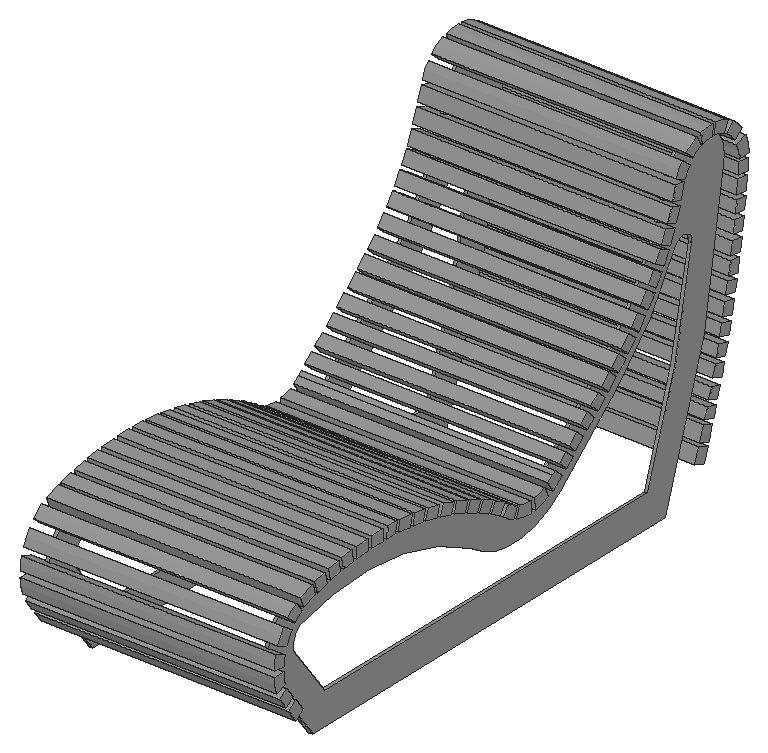
Revit family "20879 Шезлонг «Парабола» Хоббика", category Антураж, Revit 2018
Family settings
  На основе рабочей плоскости = Нет
  Всегда вертикально = Да
  При загрузке вырезать с полостями = Нет
  Источник визуального образа = Геометрия семейства
  Общий = Нет
  Точка расчета площади = Нет
Parameters (values of type "Шезлонг «Парабола». Версия 0,8 м")
  Ширина = 1860 mm  # constant formula
  Цвет отделки = Дерево
  Цвет каркаса = Сталь
  Средняя опора = not([Версия 0,8 м])  # no
  Описание = if([Версия 0,8 м], "Шезлонг «Парабола». Версия 0,8 м", "Шезлонг «Парабола». Версия 1,8 м")  # "Шезлонг «Парабола». Версия 0,8 м"
  Материал изделия = "Сталь, дерево"  # constant formula
  Изображение типоразмера = Шезлонг «Парабола» Арт 20879.jpg
  Изготовитель = "ООО «Хоббика»"  # constant formula
  Длина = if([Версия 0,8 м], 800 mm, 1800 mm)  # 800 mm
  Группа модели = "Лежаки и шезлонги"  # constant formula
  Высота = 1070 mm  # constant formula
  Версия 1,8 м = not([Версия 0,8 м])  # no
  Версия 0,8 м = yes
  Артикул товара = "Арт. 20879"  # constant formula
  URL = "https://hobbyka.ru/product/shezlong_parabola"
Types (3, lengths in mm): name | Средняя опора | Описание | Длина | Версия 1,8 м | Версия 0,8 м
  (no name) | no | "Шезлонг «Парабола». Версия 0,8 м" | 800 | no | yes
  Шезлонг «Парабола». Версия 0,8 м | no | "Шезлонг «Парабола». Версия 0,8 м" | 800 | no | yes
  Шезлонг «Парабола». Версия 1,8 м | yes | "Шезлонг «Парабола». Версия 1,8 м" | 1800 | yes | no
Reference planes
  plane 1 "По центру (Вперед/Назад)": y = 0
  plane 2: z = 0
  plane 3 "По центру (Влево/Вправо)": x = 0
  plane 4: x = 800
  plane 5: y = 1860
  plane 6: z = 1070
  plane 7: x = 400
  plane 8: x = 395
  plane 9: x = 50
  plane 10: x = 750
  plane 11: x = 60
  plane 12: x = 740
  plane 13: x = 405
Forms (mm)
  Extrusion 1, solid, material "Сталь" <- "Цвет каркаса"
    sketch origin (0, 0, 0) x (0, 1, 0) y (0, 0, 1)
      loop
        arc (1820.974, 919.5) -> (1730.165, 1037.962) -> (1604.316, 957.703) r 110.411
        arc (1604.316, 957.703) -> (1501.612, 721.189) -> (1334.058, 525.198) r 869.445
        line (1334.058, 525.198) -> (1111.232, 331.875)
        arc (1111.232, 331.875) -> (998.732, 289.874) -> (886.232, 331.875) r 171.668
        arc (886.232, 331.875) -> (507.216, 460.849) -> (109.195, 417.63) r 925.244
        arc (109.195, 417.63) -> (36.329, 332.413) -> (37.371, 220.295) r 159.84
        line (37.371, 220.295) -> (203.375, 0) -> (1591.717, 0)
        arc (1591.717, 0) -> (1742.306, 450.784) -> (1820.974, 919.5) r 3047.395
      loop
        arc (1631.251, 748.119) -> (1530.101, 587.497) -> (1399.591, 449.664) r 969.445
        line (1399.591, 449.664) -> (1176.766, 256.341)
        arc (1176.766, 256.341) -> (1003.555, 189.917) -> (828.095, 250.151) r 271.668
        arc (828.095, 250.151) -> (498.071, 361.249) -> (151.603, 326.334) r 825.244
        arc (151.603, 326.334) -> (130.946, 299.908) -> (127.752, 266.519) r 59.84
        line (127.752, 266.519) -> (253.233, 100) -> (1524.658, 100)
        arc (1524.658, 100) -> (1628.311, 410.084) -> (1696.982, 729.74) r 2947.395
        arc (1696.982, 729.74) -> (1671.573, 765.598) -> (1631.251, 748.119) r 34.873
    from 50 to 60
  Extrusion 2, solid, material "Сталь" <- "Цвет каркаса", visible <- "Средняя опора"
    sketch origin (0, 0, 0) x (0, 1, 0) y (0, 0, 1)
      loop
        arc (1820.974, 919.5) -> (1730.165, 1037.962) -> (1604.316, 957.703) r 110.411
        arc (1604.316, 957.703) -> (1501.612, 721.189) -> (1334.058, 525.198) r 869.445
        line (1334.058, 525.198) -> (1111.232, 331.875)
        arc (1111.232, 331.875) -> (998.732, 289.874) -> (886.232, 331.875) r 171.668
        arc (886.232, 331.875) -> (507.216, 460.849) -> (109.195, 417.63) r 925.244
        arc (109.195, 417.63) -> (36.329, 332.413) -> (37.371, 220.295) r 159.84
        line (37.371, 220.295) -> (203.375, 0) -> (1591.717, 0)
        arc (1591.717, 0) -> (1742.306, 450.784) -> (1820.974, 919.5) r 3047.395
      loop
        arc (1631.251, 748.119) -> (1530.101, 587.497) -> (1399.591, 449.664) r 969.445
        line (1399.591, 449.664) -> (1176.766, 256.341)
        arc (1176.766, 256.341) -> (1003.555, 189.917) -> (828.095, 250.151) r 271.668
        arc (828.095, 250.151) -> (498.071, 361.249) -> (151.603, 326.334) r 825.244
        arc (151.603, 326.334) -> (130.946, 299.908) -> (127.752, 266.519) r 59.84
        line (127.752, 266.519) -> (253.233, 100) -> (1524.658, 100)
        arc (1524.658, 100) -> (1628.311, 410.084) -> (1696.982, 729.74) r 2947.395
        arc (1696.982, 729.74) -> (1671.573, 765.598) -> (1631.251, 748.119) r 34.873
    from 395 to 405
  Extrusion 3, solid, material "Сталь" <- "Цвет каркаса"
    sketch origin (0, 0, 0) x (0, 1, 0) y (0, 0, 1)
      loop
        arc (1820.974, 919.5) -> (1730.165, 1037.962) -> (1604.316, 957.703) r 110.411
        arc (1604.316, 957.703) -> (1501.612, 721.189) -> (1334.058, 525.198) r 869.445
        line (1334.058, 525.198) -> (1111.232, 331.875)
        arc (1111.232, 331.875) -> (998.732, 289.874) -> (886.232, 331.875) r 171.668
        arc (886.232, 331.875) -> (507.216, 460.849) -> (109.195, 417.63) r 925.244
        arc (109.195, 417.63) -> (36.329, 332.413) -> (37.371, 220.295) r 159.84
        line (37.371, 220.295) -> (203.375, 0) -> (1591.717, 0)
        arc (1591.717, 0) -> (1742.306, 450.784) -> (1820.974, 919.5) r 3047.395
      loop
        arc (1631.251, 748.119) -> (1530.101, 587.497) -> (1399.591, 449.664) r 969.445
        line (1399.591, 449.664) -> (1176.766, 256.341)
        arc (1176.766, 256.341) -> (1003.555, 189.917) -> (828.095, 250.151) r 271.668
        arc (828.095, 250.151) -> (498.071, 361.249) -> (151.603, 326.334) r 825.244
        arc (151.603, 326.334) -> (130.946, 299.908) -> (127.752, 266.519) r 59.84
        line (127.752, 266.519) -> (253.233, 100) -> (1524.658, 100)
        arc (1524.658, 100) -> (1628.311, 410.084) -> (1696.982, 729.74) r 2947.395
        arc (1696.982, 729.74) -> (1671.573, 765.598) -> (1631.251, 748.119) r 34.873
    from 740 to 750
  Extrusion 4, solid, material "Дерево" <- "Цвет отделки"
    sketch origin (0, 0, 0) x (0, 1, 0) y (0, 0, 1)
      loop
        line (1821.404, 929.229) -> (1856.404, 929.229)
        arc (1856.404, 929.229) -> (1853.538, 957.955) -> (1845.054, 985.549) r 145.411
        line (1845.054, 985.549) -> (1812.785, 971.993)
        arc (1812.785, 971.993) -> (1819.228, 951.041) -> (1821.404, 929.229) r 110.411
      loop
        line (1604.316, 957.703) -> (1570.5, 966.729)
        arc (1570.5, 966.729) -> (1564.473, 945.297) -> (1557.875, 924.035) r 834.445
        line (1557.875, 924.035) -> (1591.162, 913.218)
        arc (1591.162, 913.218) -> (1598.036, 935.372) -> (1604.316, 957.703) r 869.445
      loop
        line (1335.932, 526.824) -> (1311.121, 551.635) -> (1278.641, 523.455) -> (1303.452, 498.644) -> (1335.932, 526.824)
      loop
        line (1111.232, 331.875) -> (1122.562, 341.705) -> (1097.752, 366.515) -> (1088.296, 358.312)
        arc (1088.296, 358.312) -> (1078.824, 350.801) -> (1068.725, 344.158) r 136.668
        line (1068.725, 344.158) -> (1086.65, 314.096)
        arc (1086.65, 314.096) -> (1099.335, 322.441) -> (1111.232, 331.875) r 171.668
      loop
        line (880.16, 335.533) -> (898.107, 365.581)
        arc (898.107, 365.581) -> (881.519, 375.266) -> (864.739, 384.616) r 960.244
        line (864.739, 384.616) -> (848.009, 353.874)
        arc (848.009, 353.874) -> (864.176, 344.864) -> (880.16, 335.533) r 925.244
      loop
        line (97.64, 410.588) -> (78.176, 439.677)
        arc (78.176, 439.677) -> (61.528, 427.2) -> (46.305, 413.02) r 194.84
        line (46.305, 413.02) -> (71.059, 388.267)
        arc (71.059, 388.267) -> (83.742, 400.151) -> (97.64, 410.588) r 159.84
      loop
        line (40.885, 215.632) -> (11.751, 196.137) -> (37.005, 162.623) -> (64.958, 183.686) -> (40.885, 215.632)
      loop
        line (1647.656, 141.932) -> (1680.529, 129.917)
        arc (1680.529, 129.917) -> (1688.474, 151.915) -> (1696.252, 173.972) r 3082.395
        line (1696.252, 173.972) -> (1663.2, 185.486)
        arc (1663.2, 185.486) -> (1655.511, 163.679) -> (1647.656, 141.932) r 3047.395
      loop
        line (1666.473, 194.93) -> (1699.562, 183.524)
        arc (1699.562, 183.524) -> (1707.084, 205.615) -> (1714.437, 227.761) r 3082.395
        line (1714.437, 227.761) -> (1681.179, 238.665)
        arc (1681.179, 238.665) -> (1673.909, 216.77) -> (1666.473, 194.93) r 3047.395
      loop
        line (1685.933, 253.289) -> (1719.245, 242.554)
        arc (1719.245, 242.554) -> (1724.397, 258.692) -> (1729.461, 274.859) r 3082.395
        line (1729.461, 274.859) -> (1696.032, 285.227)
        arc (1696.032, 285.227) -> (1691.026, 269.244) -> (1685.933, 253.289) r 3047.395
      loop
        line (1700.936, 301.194) -> (1734.421, 291.008)
        arc (1734.421, 291.008) -> (1739.603, 308.226) -> (1744.685, 325.473) r 3082.395
        line (1744.685, 325.473) -> (1711.083, 335.267)
        arc (1711.083, 335.267) -> (1706.059, 318.215) -> (1700.936, 301.194) r 3047.395
      loop
        line (1716.979, 355.76) -> (1750.648, 346.201)
        arc (1750.648, 346.201) -> (1755.661, 364.064) -> (1760.567, 381.956) r 3082.395
        line (1760.567, 381.956) -> (1726.785, 391.109)
        arc (1726.785, 391.109) -> (1721.935, 373.42) -> (1716.979, 355.76) r 3047.395
      loop
        line (1731.141, 407.366) -> (1764.973, 398.4)
        arc (1764.973, 398.4) -> (1769.491, 415.648) -> (1773.909, 432.921) r 3082.395
        line (1773.909, 432.921) -> (1739.975, 441.495)
        arc (1739.975, 441.495) -> (1735.607, 424.418) -> (1731.141, 407.366) r 3047.395
      loop
        line (1744.574, 459.939) -> (1778.56, 451.577)
        arc (1778.56, 451.577) -> (1782.87, 469.317) -> (1787.074, 487.083) r 3082.395
        line (1787.074, 487.083) -> (1752.991, 495.042)
        arc (1752.991, 495.042) -> (1748.834, 477.478) -> (1744.574, 459.939) r 3047.395
      loop
        line (104.076, 131.775) -> (76.994, 167.713) -> (49.042, 146.65) -> (76.123, 110.711) -> (104.076, 131.775)
      loop
        arc (1790.688, 502.744) -> (1795.138, 522.559) -> (1799.457, 542.403) r 3082.395
        line (1799.457, 542.403) -> (1765.233, 549.734)
        arc (1765.233, 549.734) -> (1761.116, 530.806) -> (1756.878, 511.904) r 3047.395
        line (1756.878, 511.904) -> (1790.688, 502.744)
      loop
        arc (1803.252, 560.382) -> (1806.678, 577.089) -> (1810.012, 593.815) r 3082.395
        line (1810.012, 593.815) -> (1776.145, 602.99)
        arc (1776.145, 602.99) -> (1772.618, 585.239) -> (1768.985, 567.509) r 3047.395
        line (1768.985, 567.509) -> (1803.252, 560.382)
      loop
        arc (1813.439, 611.533) -> (1817.142, 631.332) -> (1820.714, 651.154) r 3082.395
        line (1820.714, 651.154) -> (1786.249, 657.25)
        arc (1786.249, 657.25) -> (1782.717, 637.653) -> (1779.057, 618.079) r 3047.395
        line (1779.057, 618.079) -> (1813.439, 611.533)
      loop
        arc (1823.019, 664.352) -> (1826.406, 684.393) -> (1829.661, 704.455) r 3082.395
        line (1829.661, 704.455) -> (1795.094, 709.946)
        arc (1795.094, 709.946) -> (1791.876, 690.111) -> (1788.528, 670.298) r 3047.395
        line (1788.528, 670.298) -> (1823.019, 664.352)
      loop
        arc (1832.399, 722.022) -> (1835.275, 741.232) -> (1838.03, 760.46) r 3082.395
        line (1838.03, 760.46) -> (1803.369, 765.315)
        arc (1803.369, 765.315) -> (1800.645, 746.306) -> (1797.802, 727.314) r 3047.395
        line (1797.802, 727.314) -> (1832.399, 722.022)
      loop
        arc (1840.098, 775.495) -> (1842.652, 794.87) -> (1845.083, 814.261) r 3082.395
        line (1845.083, 814.261) -> (1810.342, 818.505)
        arc (1810.342, 818.505) -> (1807.938, 799.334) -> (1805.413, 780.179) r 3047.395
        line (1805.413, 780.179) -> (1840.098, 775.495)
      loop
        arc (1846.763, 828.279) -> (1849.113, 848.868) -> (1851.323, 869.472) r 3082.395
        line (1851.323, 869.472) -> (1816.511, 873.089)
        arc (1816.511, 873.089) -> (1814.325, 852.719) -> (1812.002, 832.364) r 3047.395
        line (1812.002, 832.364) -> (1846.763, 828.279)
      loop
        arc (1852.481, 880.817) -> (1854.211, 898.611) -> (1855.838, 916.416) r 3082.395
        line (1855.838, 916.416) -> (1820.974, 919.5)
        arc (1820.974, 919.5) -> (1819.366, 901.898) -> (1817.655, 884.305) r 3047.395
        line (1817.655, 884.305) -> (1852.481, 880.817)
      loop
        arc (1831.604, 1010.452) -> (1816.151, 1029.658) -> (1797.676, 1045.978) r 145.411
        line (1797.676, 1045.978) -> (1772.571, 1020.873)
        arc (1772.571, 1020.873) -> (1789.025, 1007.341) -> (1802.573, 990.902) r 110.411
        line (1802.573, 990.902) -> (1831.604, 1010.452)
      loop
        arc (1776.062, 1059.268) -> (1753.573, 1068.265) -> (1729.903, 1073.405) r 145.411
        line (1729.903, 1073.405) -> (1725.352, 1038.702)
        arc (1725.352, 1038.702) -> (1743.324, 1034.8) -> (1760.4, 1027.968) r 110.411
        line (1760.4, 1027.968) -> (1776.062, 1059.268)
      loop
        arc (1716.39, 1074.539) -> (1692.059, 1073.402) -> (1668.259, 1068.218) r 145.411
        line (1668.259, 1068.218) -> (1678.545, 1034.764)
        arc (1678.545, 1034.764) -> (1694.925, 1038.464) -> (1711.677, 1039.637) r 110.411
        line (1711.677, 1039.637) -> (1716.39, 1074.539)
      loop
        arc (1654.778, 1063.334) -> (1632.266, 1051.484) -> (1612.164, 1035.893) r 145.411
        line (1612.164, 1035.893) -> (1636.936, 1011.12)
        arc (1636.936, 1011.12) -> (1651.778, 1022.417) -> (1668.309, 1031.055) r 110.411
        line (1668.309, 1031.055) -> (1654.778, 1063.334)
      loop
        arc (1598.097, 1020.874) -> (1584.597, 1001.121) -> (1574.519, 979.422) r 145.411
        line (1574.519, 979.422) -> (1607.368, 967.34)
        arc (1607.368, 967.34) -> (1615.02, 983.817) -> (1625.27, 998.815) r 110.411
        line (1625.27, 998.815) -> (1598.097, 1020.874)
      loop
        arc (1553.447, 910.786) -> (1546.048, 890.137) -> (1538.108, 869.69) r 834.445
        line (1538.108, 869.69) -> (1571.471, 858.848)
        arc (1571.471, 858.848) -> (1579.262, 879.037) -> (1586.548, 899.414) r 869.445
        line (1586.548, 899.414) -> (1553.447, 910.786)
      loop
        arc (1533.474, 858.443) -> (1524.894, 838.752) -> (1515.809, 819.289) r 834.445
        line (1515.809, 819.289) -> (1547.331, 804.079)
        arc (1547.331, 804.079) -> (1556.797, 824.358) -> (1565.738, 844.875) r 869.445
        line (1565.738, 844.875) -> (1533.474, 858.443)
      loop
        arc (1512.1, 811.7) -> (1502.736, 793.359) -> (1492.922, 775.254) r 834.445
        line (1492.922, 775.254) -> (1523.484, 758.196)
        arc (1523.484, 758.196) -> (1533.188, 776.07) -> (1542.47, 794.166) r 869.445
        line (1542.47, 794.166) -> (1512.1, 811.7)
      loop
        arc (1485.719, 762.608) -> (1475.511, 745.518) -> (1464.898, 728.676) r 834.445
        line (1464.898, 728.676) -> (1494.285, 709.665)
        arc (1494.285, 709.665) -> (1505.343, 727.213) -> (1515.979, 745.02) r 869.445
        line (1515.979, 745.02) -> (1485.719, 762.608)
      loop
        arc (1457.65, 717.664) -> (1445.629, 700.195) -> (1433.168, 683.037) r 834.445
        line (1433.168, 683.037) -> (1461.224, 662.111)
        arc (1461.224, 662.111) -> (1474.208, 679.989) -> (1486.733, 698.191) r 869.445
        line (1486.733, 698.191) -> (1457.65, 717.664)
      loop
        arc (1422.615, 669.191) -> (1410.119, 653.538) -> (1397.251, 638.189) r 834.445
        line (1397.251, 638.189) -> (1423.8, 615.383)
        arc (1423.8, 615.383) -> (1437.208, 631.375) -> (1450.228, 647.685) r 869.445
        line (1450.228, 647.685) -> (1422.615, 669.191)
      loop
        arc (1386.144, 625.52) -> (1372.639, 610.786) -> (1358.786, 596.38) r 834.445
        line (1358.786, 596.38) -> (1383.535, 571.63)
        arc (1383.535, 571.63) -> (1398.065, 586.733) -> (1412.227, 602.182) r 869.445
        line (1412.227, 602.182) -> (1386.144, 625.52)
      loop
        arc (1348.501, 586.117) -> (1334.072, 572.304) -> (1319.317, 558.84) r 834.445
        line (1319.317, 558.84) -> (1344.105, 534.052)
        arc (1344.105, 534.052) -> (1358.835, 547.542) -> (1373.25, 561.367) r 869.445
        line (1373.25, 561.367) -> (1348.501, 586.117)
      loop
        line (1266.453, 512.881) -> (1237.489, 487.752) -> (1262.3, 462.941) -> (1291.264, 488.07) -> (1266.453, 512.881)
      loop
        line (1247.194, 449.835) -> (1224.257, 476.272) -> (1195.946, 451.709) -> (1220.757, 426.898) -> (1247.194, 449.835)
      loop
        line (1205.65, 413.791) -> (1180.839, 438.602) -> (1152.5, 414.015) -> (1175.436, 387.578) -> (1205.65, 413.791)
      loop
        line (1164.106, 377.748) -> (1139.295, 402.559) -> (1112.858, 379.622) -> (1137.669, 354.811) -> (1164.106, 377.748)
      loop
        arc (1054.286, 336.675) -> (1035.652, 329.955) -> (1016.242, 326) r 136.668
        line (1016.242, 326) -> (1020.726, 291.289)
        arc (1020.726, 291.289) -> (1045.107, 296.257) -> (1068.514, 304.697) r 171.668
        line (1068.514, 304.697) -> (1054.286, 336.675)
      loop
        arc (998.732, 324.874) -> (977.286, 326.567) -> (956.371, 331.605) r 136.668
        line (956.371, 331.605) -> (945.522, 298.329)
        arc (945.522, 298.329) -> (971.793, 292.001) -> (998.732, 289.874) r 171.668
        line (998.732, 289.874) -> (998.732, 324.874)
      loop
        arc (947.202, 334.961) -> (929.145, 343.917) -> (912.601, 355.431) r 136.668
        line (912.601, 355.431) -> (894.925, 324.816)
        arc (894.925, 324.816) -> (913.733, 312.395) -> (934.006, 302.544) r 171.668
        line (934.006, 302.544) -> (947.202, 334.961)
      loop
        arc (852.98, 390.91) -> (834.017, 400.625) -> (814.843, 409.916) r 960.244
        line (814.843, 409.916) -> (799.931, 378.251)
        arc (799.931, 378.251) -> (818.406, 369.299) -> (836.678, 359.939) r 925.244
        line (836.678, 359.939) -> (852.98, 390.91)
      loop
        arc (803.908, 414.982) -> (784.633, 423.512) -> (765.175, 431.616) r 960.244
        line (765.175, 431.616) -> (752.073, 399.161)
        arc (752.073, 399.161) -> (770.822, 391.352) -> (789.394, 383.133) r 925.244
        line (789.394, 383.133) -> (803.908, 414.982)
      loop
        arc (752.345, 436.688) -> (731.898, 444.337) -> (711.283, 451.518) r 960.244
        line (711.283, 451.518) -> (700.145, 418.338)
        arc (700.145, 418.338) -> (720.009, 411.418) -> (739.711, 404.048) r 925.244
        line (739.711, 404.048) -> (752.345, 436.688)
      loop
        arc (697.737, 455.954) -> (678.919, 461.749) -> (659.986, 467.157) r 960.244
        line (659.986, 467.157) -> (646.693, 434.502)
        arc (646.693, 434.502) -> (666.961, 428.786) -> (687.093, 422.611) r 925.244
        line (687.093, 422.611) -> (697.737, 455.954)
      loop
        arc (639.501, 472.54) -> (620.186, 477.176) -> (600.779, 481.412) r 960.244
        line (600.779, 481.412) -> (587.965, 448.307)
        arc (587.965, 448.307) -> (609.53, 443.706) -> (630.98, 438.593) r 925.244
        line (630.98, 438.593) -> (639.501, 472.54)
      loop
        arc (582.046, 485.105) -> (563.394, 488.399) -> (544.681, 491.325) r 960.244
        line (544.681, 491.325) -> (539.616, 456.693)
        arc (539.616, 456.693) -> (557.647, 453.874) -> (575.619, 450.7) r 925.244
        line (575.619, 450.7) -> (582.046, 485.105)
      loop
        arc (532.705, 492.999) -> (509.318, 495.828) -> (485.868, 498.082) r 960.244
        line (485.868, 498.082) -> (482.947, 463.204)
        arc (482.947, 463.204) -> (503.562, 461.245) -> (524.127, 458.825) r 925.244
        line (524.127, 458.825) -> (532.705, 492.999)
      loop
        arc (473.78, 499.018) -> (454.99, 500.168) -> (436.181, 500.95) r 960.244
        line (436.181, 500.95) -> (433.256, 466.023)
        arc (433.256, 466.023) -> (450.29, 465.359) -> (467.31, 464.381) r 925.244
        line (467.31, 464.381) -> (473.78, 499.018)
      loop
        arc (419.806, 501.33) -> (397.99, 501.402) -> (376.178, 500.978) r 960.244
        line (376.178, 500.978) -> (376.178, 465.961)
        arc (376.178, 465.961) -> (396.525, 466.387) -> (416.878, 466.366) r 925.244
        line (416.878, 466.366) -> (419.806, 501.33)
      loop
        arc (358.376, 500.265) -> (336.177, 498.911) -> (314.016, 497.044) r 960.244
        line (314.016, 497.044) -> (317.359, 462.204)
        arc (317.359, 462.204) -> (337.851, 463.94) -> (358.376, 465.221) r 925.244
        line (358.376, 465.221) -> (358.376, 500.265)
      loop
        arc (297.881, 495.358) -> (277.797, 492.874) -> (257.769, 489.967) r 960.244
        line (257.769, 489.967) -> (263.162, 455.385)
        arc (263.162, 455.385) -> (282.46, 458.186) -> (301.812, 460.58) r 925.244
        line (301.812, 460.58) -> (297.881, 495.358)
      loop
        arc (244.282, 487.765) -> (225.634, 484.395) -> (207.057, 480.658) r 960.244
        line (207.057, 480.658) -> (214.298, 446.415)
        arc (214.298, 446.415) -> (232.198, 450.016) -> (250.166, 453.263) r 925.244
        line (250.166, 453.263) -> (244.282, 487.765)
      loop
        arc (191.409, 477.212) -> (171.578, 472.449) -> (151.854, 467.267) r 960.244
        line (151.854, 467.267) -> (161.107, 433.512)
        arc (161.107, 433.512) -> (180.112, 438.506) -> (199.22, 443.095) r 925.244
        line (199.22, 443.095) -> (191.409, 477.212)
      loop
        arc (142.379, 464.617) -> (118.658, 457.521) -> (95.129, 449.815) r 960.244
        line (95.129, 449.815) -> (109.195, 417.63)
        arc (109.195, 417.63) -> (130.506, 424.554) -> (151.977, 430.959) r 925.244
        line (151.977, 430.959) -> (142.379, 464.617)
      loop
        line (58.492, 373.427) -> (30.456, 394.378)
        arc (30.456, 394.378) -> (16.931, 373.655) -> (6.142, 351.384) r 194.84
        line (6.142, 351.384) -> (38.546, 338.156)
        arc (38.546, 338.156) -> (47.397, 356.426) -> (58.492, 373.427) r 159.84
      loop
        line (31.387, 316.207) -> (-1.297, 329.549)
        arc (-1.297, 329.549) -> (-5.732, 309.335) -> (-7.998, 288.764) r 194.84
        line (-7.998, 288.764) -> (26.765, 282.634)
        arc (26.765, 282.634) -> (28.183, 299.543) -> (31.387, 316.207) r 159.84
      loop
        line (26.943, 268.754) -> (-8.103, 268.754)
        arc (-8.103, 268.754) -> (-5.398, 244.182) -> (0.397, 220.15) r 194.84
        line (0.397, 220.15) -> (33.833, 230.496)
        arc (33.833, 230.496) -> (29.22, 249.415) -> (26.943, 268.754) r 159.84
    from 0 to 800
Dimensions and locks
  "Длина": plane 3 "По центру (Влево/Вправо)" to plane 4
  "Ширина": plane 5 to plane 1 "По центру (Вперед/Назад)"
  "Высота": plane 6 to plane 2
  plane 3 "По центру (Влево/Вправо)" to plane 9 = 50 mm
  plane 10 to plane 4 = 50 mm
  plane 8 to plane 7 to plane 13 = 5 mm locked, 5 mm locked
  equal spacing: plane 3 "По центру (Влево/Вправо)", plane 7, plane 4
  locked: plane 9 to plane 11 at 10
  locked: plane 12 to plane 10 at 10
  aligned and locked: level to plane 2
  aligned and locked: Extrusion 1 to plane 9
  aligned and locked: plane 11 to Extrusion 1
  aligned and locked: plane 10 to Extrusion 3
  aligned and locked: Extrusion 3 to plane 12
  aligned and locked: plane 13 to Extrusion 2
  aligned and locked: Extrusion 2 to plane 8
  aligned and locked: Extrusion 4 to plane 3 "По центру (Влево/Вправо)"
  aligned and locked: plane 4 to Extrusion 4
Automatic sketch dimensions
  Extrusion 1 sketch curve to Extrusion 1 sketch curve = 0 mm  (x11)
  Extrusion 1 sketch curve to level = 0 mm
  plane 6 to Extrusion 1 sketch curve = 118.015 mm
  plane 1 "По центру (Вперед/Назад)" to Extrusion 1 sketch curve = 1214.568 mm
  Extrusion 1 sketch curve to plane 1 "По центру (Вперед/Назад)" = 37.371 mm
  Extrusion 1 sketch curve to Extrusion 1 sketch curve = 90.381 mm
  Extrusion 1 sketch curve to Extrusion 1 sketch curve = 58.777 mm
  Extrusion 1 sketch curve to plane 1 "По центру (Вперед/Назад)" = 203.375 mm
  Extrusion 1 sketch curve to Extrusion 1 sketch curve = 49.858 mm
  Extrusion 1 sketch curve to plane 1 "По центру (Вперед/Назад)" = 405.72 mm
  plane 6 to Extrusion 1 sketch curve = 111.924 mm
  Extrusion 1 sketch curve to plane 1 "По центру (Вперед/Назад)" = 764.282 mm
  level to Extrusion 1 sketch curve = 461.543 mm
  Extrusion 1 sketch curve to Extrusion 1 sketch curve = 234.451 mm
  level to Extrusion 1 sketch curve = 331.875 mm
  Extrusion 1 sketch curve to Extrusion 1 sketch curve = 112.5 mm
  level to Extrusion 1 sketch curve = 256.341 mm
  Extrusion 1 sketch curve to Extrusion 1 sketch curve = 65.533 mm  (x2)
  Extrusion 1 sketch curve to Extrusion 1 sketch curve = 222.825 mm
  level to Extrusion 1 sketch curve = 100 mm
  Extrusion 1 sketch curve to plane 5 = 335.342 mm
  Extrusion 1 sketch curve to Extrusion 1 sketch curve = 67.059 mm
  Extrusion 1 sketch curve to plane 5 = 197.818 mm
  Extrusion 1 sketch curve to plane 5 = 149.007 mm
  Extrusion 1 sketch curve to level = 458.811 mm
  level to Extrusion 1 sketch curve = 220.295 mm
  Extrusion 1 sketch curve to Extrusion 1 sketch curve = 46.224 mm
  Extrusion 1 sketch curve to Extrusion 1 sketch curve = 11.225 mm
  Extrusion 1 sketch curve to Extrusion 1 sketch curve = 193.323 mm
  Extrusion 1 sketch curve to Extrusion 1 sketch curve = 75.534 mm
  Extrusion 1 sketch curve to Extrusion 1 sketch curve = 282.349 mm
  Extrusion 1 sketch curve to plane 6 = 140.771 mm
  Extrusion 1 sketch curve to plane 1 "По центру (Вперед/Назад)" = 109.195 mm
  Extrusion 1 sketch curve to Extrusion 1 sketch curve = 34.926 mm
  Extrusion 1 sketch curve to Extrusion 1 sketch curve = 30.931 mm
  Extrusion 2 sketch curve to Extrusion 2 sketch curve = 0 mm  (x11)
  Extrusion 2 sketch curve to level = 0 mm
  plane 6 to Extrusion 2 sketch curve = 118.015 mm
  plane 1 "По центру (Вперед/Назад)" to Extrusion 2 sketch curve = 1214.568 mm
  Extrusion 2 sketch curve to plane 1 "По центру (Вперед/Назад)" = 37.371 mm
  Extrusion 2 sketch curve to Extrusion 2 sketch curve = 90.381 mm
  Extrusion 2 sketch curve to Extrusion 2 sketch curve = 58.777 mm
  Extrusion 2 sketch curve to plane 1 "По центру (Вперед/Назад)" = 203.375 mm
  Extrusion 2 sketch curve to Extrusion 2 sketch curve = 49.858 mm
  Extrusion 2 sketch curve to plane 1 "По центру (Вперед/Назад)" = 405.72 mm
  plane 6 to Extrusion 2 sketch curve = 111.924 mm
  Extrusion 2 sketch curve to plane 1 "По центру (Вперед/Назад)" = 764.282 mm
  level to Extrusion 2 sketch curve = 461.543 mm
  Extrusion 2 sketch curve to Extrusion 2 sketch curve = 234.451 mm
  level to Extrusion 2 sketch curve = 331.875 mm
  Extrusion 2 sketch curve to Extrusion 2 sketch curve = 112.5 mm
  level to Extrusion 2 sketch curve = 256.341 mm
  Extrusion 2 sketch curve to Extrusion 2 sketch curve = 65.533 mm  (x2)
  Extrusion 2 sketch curve to Extrusion 2 sketch curve = 222.825 mm
  level to Extrusion 2 sketch curve = 100 mm
  Extrusion 2 sketch curve to plane 5 = 335.342 mm
  Extrusion 2 sketch curve to Extrusion 2 sketch curve = 67.059 mm
  Extrusion 2 sketch curve to plane 5 = 197.818 mm
  Extrusion 2 sketch curve to plane 5 = 149.007 mm
  Extrusion 2 sketch curve to level = 458.811 mm
  level to Extrusion 2 sketch curve = 220.295 mm
  Extrusion 2 sketch curve to Extrusion 2 sketch curve = 46.224 mm
  Extrusion 2 sketch curve to Extrusion 2 sketch curve = 11.225 mm
  Extrusion 2 sketch curve to Extrusion 2 sketch curve = 193.323 mm
  Extrusion 2 sketch curve to Extrusion 2 sketch curve = 75.534 mm
  Extrusion 2 sketch curve to Extrusion 2 sketch curve = 282.349 mm
  Extrusion 2 sketch curve to plane 6 = 140.771 mm
  Extrusion 2 sketch curve to plane 1 "По центру (Вперед/Назад)" = 109.195 mm
  Extrusion 2 sketch curve to Extrusion 2 sketch curve = 34.926 mm
  Extrusion 2 sketch curve to Extrusion 2 sketch curve = 30.931 mm
  Extrusion 3 sketch curve to Extrusion 3 sketch curve = 0 mm  (x11)
  Extrusion 3 sketch curve to level = 0 mm
  plane 6 to Extrusion 3 sketch curve = 118.015 mm
  plane 1 "По центру (Вперед/Назад)" to Extrusion 3 sketch curve = 1214.568 mm
  Extrusion 3 sketch curve to plane 1 "По центру (Вперед/Назад)" = 37.371 mm
  Extrusion 3 sketch curve to Extrusion 3 sketch curve = 90.381 mm
  Extrusion 3 sketch curve to Extrusion 3 sketch curve = 58.777 mm
  Extrusion 3 sketch curve to plane 1 "По центру (Вперед/Назад)" = 203.375 mm
  Extrusion 3 sketch curve to Extrusion 3 sketch curve = 49.858 mm
  Extrusion 3 sketch curve to plane 1 "По центру (Вперед/Назад)" = 405.72 mm
  plane 6 to Extrusion 3 sketch curve = 111.924 mm
  Extrusion 3 sketch curve to plane 1 "По центру (Вперед/Назад)" = 764.282 mm
  level to Extrusion 3 sketch curve = 461.543 mm
  Extrusion 3 sketch curve to Extrusion 3 sketch curve = 234.451 mm
  level to Extrusion 3 sketch curve = 331.875 mm
  Extrusion 3 sketch curve to Extrusion 3 sketch curve = 112.5 mm
  level to Extrusion 3 sketch curve = 256.341 mm
  Extrusion 3 sketch curve to Extrusion 3 sketch curve = 65.533 mm  (x2)
  Extrusion 3 sketch curve to Extrusion 3 sketch curve = 222.825 mm
  level to Extrusion 3 sketch curve = 100 mm
  Extrusion 3 sketch curve to plane 5 = 335.342 mm
  Extrusion 3 sketch curve to Extrusion 3 sketch curve = 67.059 mm
  Extrusion 3 sketch curve to plane 5 = 197.818 mm
  Extrusion 3 sketch curve to plane 5 = 149.007 mm
  Extrusion 3 sketch curve to level = 458.811 mm
  level to Extrusion 3 sketch curve = 220.295 mm
  Extrusion 3 sketch curve to Extrusion 3 sketch curve = 46.224 mm
  Extrusion 3 sketch curve to Extrusion 3 sketch curve = 11.225 mm
  Extrusion 3 sketch curve to Extrusion 3 sketch curve = 193.323 mm
  Extrusion 3 sketch curve to Extrusion 3 sketch curve = 75.534 mm
  Extrusion 3 sketch curve to Extrusion 3 sketch curve = 282.349 mm
  Extrusion 3 sketch curve to plane 6 = 140.771 mm
  Extrusion 3 sketch curve to plane 1 "По центру (Вперед/Назад)" = 109.195 mm
  Extrusion 3 sketch curve to Extrusion 3 sketch curve = 34.926 mm
  Extrusion 3 sketch curve to Extrusion 3 sketch curve = 30.931 mm
  Extrusion 4 sketch curve to Extrusion 4 sketch curve = 0 mm  (x198)
  plane 6 to Extrusion 4 sketch curve = 118.015 mm
  plane 1 "По центру (Вперед/Назад)" to Extrusion 4 sketch curve = 1214.568 mm
  Extrusion 4 sketch curve to plane 1 "По центру (Вперед/Назад)" = 11.751 mm
  Extrusion 4 sketch curve to Extrusion 4 sketch curve = 29.134 mm
  Extrusion 4 sketch curve to plane 1 "По центру (Вперед/Назад)" = 76.123 mm
  Extrusion 4 sketch curve to Extrusion 4 sketch curve = 16.953 mm
  Extrusion 4 sketch curve to Extrusion 4 sketch curve = 19.464 mm
  Extrusion 4 sketch curve to Extrusion 4 sketch curve = 11.555 mm
  Extrusion 4 sketch curve to Extrusion 4 sketch curve = 47.25 mm
  Extrusion 4 sketch curve to Extrusion 4 sketch curve = 9.475 mm
  Extrusion 4 sketch curve to Extrusion 4 sketch curve = 9.599 mm
  Extrusion 4 sketch curve to Extrusion 4 sketch curve = 9.129 mm
  Extrusion 4 sketch curve to Extrusion 4 sketch curve = 34.552 mm
  Extrusion 4 sketch curve to Extrusion 4 sketch curve = 39.555 mm
  Extrusion 4 sketch curve to Extrusion 4 sketch curve = 7.811 mm
  Extrusion 4 sketch curve to Extrusion 4 sketch curve = 15.649 mm
  Extrusion 4 sketch curve to Extrusion 4 sketch curve = 15.078 mm
  Extrusion 4 sketch curve to Extrusion 4 sketch curve = 37.225 mm
  Extrusion 4 sketch curve to Extrusion 4 sketch curve = 5.884 mm
  Extrusion 4 sketch curve to Extrusion 4 sketch curve = 13.487 mm
  Extrusion 4 sketch curve to Extrusion 4 sketch curve = 12.996 mm
  Extrusion 4 sketch curve to Extrusion 4 sketch curve = 40.112 mm
  Extrusion 4 sketch curve to Extrusion 4 sketch curve = 3.931 mm
  Extrusion 4 sketch curve to Extrusion 4 sketch curve = 16.135 mm
  Extrusion 4 sketch curve to Extrusion 4 sketch curve = 15.547 mm
  Extrusion 4 sketch curve to Extrusion 4 sketch curve = 44.36 mm
  Extrusion 4 sketch curve to Extrusion 4 sketch curve = 17.802 mm
  Extrusion 4 sketch curve to plane 1 "По центру (Вперед/Назад)" = 405.72 mm
  Extrusion 4 sketch curve to Extrusion 4 sketch curve = 40.7 mm
  Extrusion 4 sketch curve to Extrusion 4 sketch curve = 2.929 mm
  Extrusion 4 sketch curve to Extrusion 4 sketch curve = 16.378 mm
  Extrusion 4 sketch curve to Extrusion 4 sketch curve = 16.375 mm
  Extrusion 4 sketch curve to Extrusion 4 sketch curve = 34.054 mm
  Extrusion 4 sketch curve to Extrusion 4 sketch curve = 6.47 mm
  Extrusion 4 sketch curve to Extrusion 4 sketch curve = 15.637 mm
  Extrusion 4 sketch curve to Extrusion 4 sketch curve = 12.088 mm
  Extrusion 4 sketch curve to Extrusion 4 sketch curve = 41.18 mm
  Extrusion 4 sketch curve to Extrusion 4 sketch curve = 8.578 mm
  Extrusion 4 sketch curve to Extrusion 4 sketch curve = 15.489 mm
  Extrusion 4 sketch curve to Extrusion 4 sketch curve = 11.976 mm
  Extrusion 4 sketch curve to Extrusion 4 sketch curve = 36.003 mm
  Extrusion 4 sketch curve to Extrusion 4 sketch curve = 6.427 mm
  Extrusion 4 sketch curve to Extrusion 4 sketch curve = 12.346 mm
  Extrusion 4 sketch curve to Extrusion 4 sketch curve = 18.734 mm
  Extrusion 4 sketch curve to Extrusion 4 sketch curve = 43.015 mm
  Extrusion 4 sketch curve to Extrusion 4 sketch curve = 8.521 mm
  Extrusion 4 sketch curve to Extrusion 4 sketch curve = 15.713 mm
  Extrusion 4 sketch curve to Extrusion 4 sketch curve = 20.485 mm
  level to Extrusion 4 sketch curve = 422.611 mm
  Extrusion 4 sketch curve to Extrusion 4 sketch curve = 40.4 mm
  level to Extrusion 4 sketch curve = 455.954 mm
  Extrusion 4 sketch curve to Extrusion 4 sketch curve = 10.644 mm
  level to Extrusion 4 sketch curve = 418.338 mm
  Extrusion 4 sketch curve to Extrusion 4 sketch curve = 13.052 mm
  level to Extrusion 4 sketch curve = 451.518 mm
  Extrusion 4 sketch curve to Extrusion 4 sketch curve = 13.546 mm
  level to Extrusion 4 sketch curve = 404.048 mm
  Extrusion 4 sketch curve to Extrusion 4 sketch curve = 39.565 mm
  Extrusion 4 sketch curve to Extrusion 4 sketch curve = 12.363 mm
  level to Extrusion 4 sketch curve = 436.688 mm
  plane 6 to Extrusion 4 sketch curve = 111.924 mm
  Extrusion 4 sketch curve to Extrusion 4 sketch curve = 163.502 mm
  Extrusion 4 sketch curve to Extrusion 4 sketch curve = 12.83 mm
  level to Extrusion 4 sketch curve = 383.133 mm
  Extrusion 4 sketch curve to Extrusion 4 sketch curve = 37.321 mm
  level to Extrusion 4 sketch curve = 378.251 mm
  Extrusion 4 sketch curve to Extrusion 4 sketch curve = 10.537 mm
  Extrusion 4 sketch curve to Extrusion 4 sketch curve = 14.514 mm
  Extrusion 4 sketch curve to Extrusion 4 sketch curve = 10.936 mm
  level to Extrusion 4 sketch curve = 359.939 mm
  level to Extrusion 4 sketch curve = 353.874 mm
  Extrusion 4 sketch curve to Extrusion 4 sketch curve = 11.331 mm
  level to Extrusion 4 sketch curve = 390.91 mm
  Extrusion 4 sketch curve to Extrusion 4 sketch curve = 16.302 mm
  level to Extrusion 4 sketch curve = 384.616 mm
  Extrusion 4 sketch curve to Extrusion 4 sketch curve = 11.759 mm
  level to Extrusion 4 sketch curve = 335.533 mm
  level to Extrusion 4 sketch curve = 324.816 mm
  Extrusion 4 sketch curve to Extrusion 4 sketch curve = 14.765 mm
  level to Extrusion 4 sketch curve = 365.581 mm
  level to Extrusion 4 sketch curve = 355.431 mm
  Extrusion 4 sketch curve to Extrusion 4 sketch curve = 14.494 mm
  level to Extrusion 4 sketch curve = 302.544 mm
  Extrusion 4 sketch curve to Extrusion 4 sketch curve = 39.08 mm
  level to Extrusion 4 sketch curve = 298.329 mm
  Extrusion 4 sketch curve to Extrusion 4 sketch curve = 11.516 mm
  level to Extrusion 4 sketch curve = 334.961 mm
  Extrusion 4 sketch curve to Extrusion 4 sketch curve = 13.197 mm
  level to Extrusion 4 sketch curve = 331.605 mm
  Extrusion 4 sketch curve to Extrusion 4 sketch curve = 9.168 mm
  level to Extrusion 4 sketch curve = 326 mm
  Extrusion 4 sketch curve to Extrusion 4 sketch curve = 17.509 mm
  level to Extrusion 4 sketch curve = 291.289 mm
  Extrusion 4 sketch curve to Extrusion 4 sketch curve = 21.994 mm
  level to Extrusion 4 sketch curve = 336.675 mm
  level to Extrusion 4 sketch curve = 304.697 mm
  level to Extrusion 4 sketch curve = 344.158 mm
  Extrusion 4 sketch curve to Extrusion 4 sketch curve = 14.439 mm
  level to Extrusion 4 sketch curve = 314.096 mm
  Extrusion 4 sketch curve to Extrusion 4 sketch curve = 18.137 mm
  level to Extrusion 4 sketch curve = 358.312 mm
  level to Extrusion 4 sketch curve = 366.515 mm
  Extrusion 4 sketch curve to Extrusion 4 sketch curve = 9.456 mm
  level to Extrusion 4 sketch curve = 331.875 mm
  Extrusion 4 sketch curve to Extrusion 4 sketch curve = 15.107 mm  (x5)
  level to Extrusion 4 sketch curve = 341.705 mm
  Extrusion 4 sketch curve to Extrusion 4 sketch curve = 11.33 mm  (x2)
  level to Extrusion 4 sketch curve = 354.811 mm
  Extrusion 4 sketch curve to Extrusion 4 sketch curve = 26.437 mm  (x2)
  Extrusion 4 sketch curve to Extrusion 4 sketch curve = 13.204 mm
  level to Extrusion 4 sketch curve = 438.602 mm
  Extrusion 4 sketch curve to Extrusion 4 sketch curve = 28.339 mm
  Extrusion 4 sketch curve to Extrusion 4 sketch curve = 24.811 mm  (x5)
  Extrusion 4 sketch curve to Extrusion 4 sketch curve = 28.311 mm
  Extrusion 4 sketch curve to Extrusion 4 sketch curve = 13.233 mm
  Extrusion 4 sketch curve to Extrusion 4 sketch curve = 22.937 mm  (x3)
  Extrusion 4 sketch curve to Extrusion 4 sketch curve = 28.964 mm
  Extrusion 4 sketch curve to Extrusion 4 sketch curve = 12.188 mm  (x2)
  Extrusion 4 sketch curve to Extrusion 4 sketch curve = 32.48 mm
  Extrusion 4 sketch curve to Extrusion 4 sketch curve = 8.196 mm
  Extrusion 4 sketch curve to Extrusion 4 sketch curve = 8.174 mm
  Extrusion 4 sketch curve to Extrusion 4 sketch curve = 29.183 mm
  Extrusion 4 sketch curve to Extrusion 4 sketch curve = 10.285 mm  (x2)
  Extrusion 4 sketch curve to Extrusion 4 sketch curve = 24.75 mm
  Extrusion 4 sketch curve to Extrusion 4 sketch curve = 27.358 mm
  Extrusion 4 sketch curve to Extrusion 4 sketch curve = 11.107 mm
  Extrusion 4 sketch curve to Extrusion 4 sketch curve = 26.083 mm
  Extrusion 4 sketch curve to Extrusion 4 sketch curve = 25.364 mm
  Extrusion 4 sketch curve to Extrusion 4 sketch curve = 11.573 mm
  Extrusion 4 sketch curve to Extrusion 4 sketch curve = 10.554 mm
  Extrusion 4 sketch curve to Extrusion 4 sketch curve = 27.613 mm
  Extrusion 4 sketch curve to Extrusion 4 sketch curve = 24.482 mm
  Extrusion 4 sketch curve to Extrusion 4 sketch curve = 10.996 mm
  Extrusion 4 sketch curve to Extrusion 4 sketch curve = 7.248 mm
  Extrusion 4 sketch curve to Extrusion 4 sketch curve = 20.821 mm
  Extrusion 4 sketch curve to Extrusion 4 sketch curve = 29.083 mm
  Extrusion 4 sketch curve to Extrusion 4 sketch curve = 7.203 mm
  Extrusion 4 sketch curve to Extrusion 4 sketch curve = 7.552 mm
  Extrusion 4 sketch curve to Extrusion 4 sketch curve = 19.178 mm
  Extrusion 4 sketch curve to Extrusion 4 sketch curve = 3.709 mm
  Extrusion 4 sketch curve to Extrusion 4 sketch curve = 30.26 mm
  Extrusion 4 sketch curve to Extrusion 4 sketch curve = 7.505 mm
  Extrusion 4 sketch curve to plane 6 = 211.557 mm
  Extrusion 4 sketch curve to Extrusion 4 sketch curve = 17.665 mm
  Extrusion 4 sketch curve to Extrusion 4 sketch curve = 4.634 mm
  Extrusion 4 sketch curve to Extrusion 4 sketch curve = 30.37 mm
  Extrusion 4 sketch curve to Extrusion 4 sketch curve = 4.861 mm
  Extrusion 4 sketch curve to plane 6 = 159.214 mm
  Extrusion 4 sketch curve to Extrusion 4 sketch curve = 15.339 mm
  Extrusion 4 sketch curve to plane 6 = 145.965 mm
  Extrusion 4 sketch curve to Extrusion 4 sketch curve = 4.428 mm
  Extrusion 4 sketch curve to plane 6 = 225.125 mm
  Extrusion 4 sketch curve to Extrusion 4 sketch curve = 32.263 mm
  Extrusion 4 sketch curve to plane 6 = 103.271 mm
  Extrusion 4 sketch curve to Extrusion 4 sketch curve = 5.734 mm
  Extrusion 4 sketch curve to plane 6 = 90.578 mm
  Extrusion 4 sketch curve to Extrusion 4 sketch curve = 4.019 mm
  Extrusion 4 sketch curve to plane 6 = 170.586 mm
  Extrusion 4 sketch curve to Extrusion 4 sketch curve = 33.101 mm
  Extrusion 4 sketch curve to Extrusion 4 sketch curve = 4.614 mm
  Extrusion 4 sketch curve to plane 6 = 49.126 mm
  Extrusion 4 sketch curve to Extrusion 4 sketch curve = 23.577 mm
  Extrusion 4 sketch curve to plane 6 = 112.297 mm
  Extrusion 4 sketch curve to Extrusion 4 sketch curve = 33.816 mm
  Extrusion 4 sketch curve to plane 6 = 102.66 mm
  Extrusion 4 sketch curve to Extrusion 4 sketch curve = 3.052 mm
  Extrusion 4 sketch curve to plane 6 = 34.107 mm
  Extrusion 4 sketch curve to Extrusion 4 sketch curve = 14.067 mm
  Extrusion 4 sketch curve to plane 6 = 71.185 mm
  Extrusion 4 sketch curve to plane 6 = 58.88 mm
  Extrusion 4 sketch curve to Extrusion 4 sketch curve = 11.666 mm
  Extrusion 4 sketch curve to plane 5 = 212.344 mm
  Extrusion 4 sketch curve to plane 6 = 6.666 mm
  Extrusion 4 sketch curve to Extrusion 4 sketch curve = 42.614 mm
  Extrusion 4 sketch curve to Extrusion 4 sketch curve = 15.545 mm
  Extrusion 4 sketch curve to Extrusion 4 sketch curve = 3.273 mm
  Extrusion 4 sketch curve to plane 6 = 1.782 mm
  Extrusion 4 sketch curve to Extrusion 4 sketch curve = 13.481 mm
  Extrusion 4 sketch curve to plane 6 = 38.945 mm
  Extrusion 4 sketch curve to plane 6 = 35.236 mm
  Extrusion 4 sketch curve to Extrusion 4 sketch curve = 10.236 mm
  Extrusion 4 sketch curve to Extrusion 4 sketch curve = 32.873 mm
  Extrusion 4 sketch curve to Extrusion 4 sketch curve = 14.706 mm
  Extrusion 4 sketch curve to Extrusion 4 sketch curve = 4.754 mm
  Extrusion 4 sketch curve to Extrusion 4 sketch curve = 10.099 mm
  Extrusion 4 sketch curve to Extrusion 4 sketch curve = 33.052 mm
  Extrusion 4 sketch curve to Extrusion 4 sketch curve = 3.31 mm
  Extrusion 4 sketch curve to Extrusion 4 sketch curve = 4.904 mm
  Extrusion 4 sketch curve to Extrusion 4 sketch curve = 10.147 mm
  Extrusion 4 sketch curve to plane 6 = 30.363 mm
  Extrusion 4 sketch curve to Extrusion 4 sketch curve = 33.258 mm
  plane 6 to Extrusion 4 sketch curve = 4.539 mm
  Extrusion 4 sketch curve to Extrusion 4 sketch curve = 5.895 mm
  Extrusion 4 sketch curve to Extrusion 4 sketch curve = 4.808 mm
  Extrusion 4 sketch curve to plane 6 = 31.298 mm
  Extrusion 4 sketch curve to Extrusion 4 sketch curve = 13.675 mm
  Extrusion 4 sketch curve to Extrusion 4 sketch curve = 9.806 mm
  Extrusion 4 sketch curve to Extrusion 4 sketch curve = 10.215 mm
  plane 6 to Extrusion 4 sketch curve = 3.405 mm
  Extrusion 4 sketch curve to Extrusion 4 sketch curve = 13.513 mm
  Extrusion 4 sketch curve to Extrusion 4 sketch curve = 4.356 mm
  Extrusion 4 sketch curve to Extrusion 4 sketch curve = 4.961 mm
  Extrusion 4 sketch curve to Extrusion 4 sketch curve = 8.834 mm
  Extrusion 4 sketch curve to Extrusion 4 sketch curve = 4.599 mm
  Extrusion 4 sketch curve to Extrusion 4 sketch curve = 33.602 mm
  Extrusion 4 sketch curve to Extrusion 4 sketch curve = 5.963 mm
  Extrusion 4 sketch curve to Extrusion 4 sketch curve = 8.417 mm
  Extrusion 4 sketch curve to Extrusion 4 sketch curve = 3.887 mm
  Extrusion 4 sketch curve to plane 6 = 42.032 mm
  Extrusion 4 sketch curve to Extrusion 4 sketch curve = 33.782 mm
  Extrusion 4 sketch curve to Extrusion 4 sketch curve = 4.406 mm
  Extrusion 4 sketch curve to Extrusion 4 sketch curve = 8.355 mm
  Extrusion 4 sketch curve to Extrusion 4 sketch curve = 3.752 mm
  Extrusion 4 sketch curve to Extrusion 4 sketch curve = 12.171 mm
  Extrusion 4 sketch curve to Extrusion 4 sketch curve = 33.934 mm
  Extrusion 4 sketch curve to plane 6 = 10.732 mm
  Extrusion 4 sketch curve to Extrusion 4 sketch curve = 7.16 mm
  Extrusion 4 sketch curve to Extrusion 4 sketch curve = 4.652 mm
  Extrusion 4 sketch curve to Extrusion 4 sketch curve = 2.912 mm
  Extrusion 4 sketch curve to Extrusion 4 sketch curve = 7.193 mm
  Extrusion 4 sketch curve to Extrusion 4 sketch curve = 34.083 mm
  Extrusion 4 sketch curve to Extrusion 4 sketch curve = 2.279 mm
  Extrusion 4 sketch curve to Extrusion 4 sketch curve = 3.614 mm
  Extrusion 4 sketch curve to Extrusion 4 sketch curve = 6.566 mm
  Extrusion 4 sketch curve to plane 6 = 24.022 mm
  Extrusion 4 sketch curve to Extrusion 4 sketch curve = 21.614 mm
  Extrusion 4 sketch curve to Extrusion 4 sketch curve = 2.707 mm
  Extrusion 4 sketch curve to Extrusion 4 sketch curve = 34.224 mm
  Extrusion 4 sketch curve to Extrusion 4 sketch curve = 30.002 mm
  Extrusion 4 sketch curve to Extrusion 4 sketch curve = 3.795 mm
  Extrusion 4 sketch curve to Extrusion 4 sketch curve = 5.567 mm
  Extrusion 4 sketch curve to Extrusion 4 sketch curve = 2.045 mm
  Extrusion 4 sketch curve to Extrusion 4 sketch curve = 6.76 mm
  Extrusion 4 sketch curve to Extrusion 4 sketch curve = 4.929 mm
  Extrusion 4 sketch curve to Extrusion 4 sketch curve = 1.661 mm
  Extrusion 4 sketch curve to Extrusion 4 sketch curve = 10.212 mm
  Extrusion 4 sketch curve to Extrusion 4 sketch curve = 3.427 mm
  Extrusion 4 sketch curve to Extrusion 4 sketch curve = 4.508 mm
  Extrusion 4 sketch curve to Extrusion 4 sketch curve = 1.144 mm
  Extrusion 4 sketch curve to Extrusion 4 sketch curve = 34.465 mm
  Extrusion 4 sketch curve to Extrusion 4 sketch curve = 3.319 mm
  Extrusion 4 sketch curve to Extrusion 4 sketch curve = 0.429 mm
  Extrusion 4 sketch curve to Extrusion 4 sketch curve = 2.305 mm
  Extrusion 4 sketch curve to plane 5 = 30.339 mm
  Extrusion 4 sketch curve to plane 5 = 28.396 mm
  Extrusion 4 sketch curve to Extrusion 4 sketch curve = 2.739 mm
  Extrusion 4 sketch curve to plane 5 = 21.97 mm
  Extrusion 4 sketch curve to Extrusion 4 sketch curve = 2.068 mm
  Extrusion 4 sketch curve to plane 5 = 14.946 mm
  Extrusion 4 sketch curve to plane 5 = 14.917 mm
  Extrusion 4 sketch curve to plane 5 = 13.237 mm
  Extrusion 4 sketch curve to plane 5 = 8.677 mm
  Extrusion 4 sketch curve to plane 5 = 7.519 mm
  Extrusion 4 sketch curve to plane 5 = 4.162 mm
  Extrusion 4 sketch curve to plane 5 = 3.596 mm
  level to Extrusion 4 sketch curve = 110.711 mm
  level to Extrusion 4 sketch curve = 129.917 mm
  Extrusion 4 sketch curve to Extrusion 4 sketch curve = 21.064 mm
  Extrusion 4 sketch curve to Extrusion 4 sketch curve = 12.015 mm
  Extrusion 4 sketch curve to Extrusion 4 sketch curve = 9.552 mm
  Extrusion 4 sketch curve to Extrusion 4 sketch curve = 9.444 mm
  Extrusion 4 sketch curve to Extrusion 4 sketch curve = 14.792 mm
  Extrusion 4 sketch curve to Extrusion 4 sketch curve = 14.624 mm
  Extrusion 4 sketch curve to Extrusion 4 sketch curve = 16.15 mm
  Extrusion 4 sketch curve to Extrusion 4 sketch curve = 15.966 mm
  Extrusion 4 sketch curve to Extrusion 4 sketch curve = 20.728 mm
  Extrusion 4 sketch curve to Extrusion 4 sketch curve = 20.493 mm
  Extrusion 4 sketch curve to Extrusion 4 sketch curve = 13.107 mm  (x3)
  Extrusion 4 sketch curve to Extrusion 4 sketch curve = 9.83 mm
  Extrusion 4 sketch curve to Extrusion 4 sketch curve = 16.444 mm
  Extrusion 4 sketch curve to Extrusion 4 sketch curve = 11.456 mm
  Extrusion 4 sketch curve to Extrusion 4 sketch curve = 16.257 mm
  Extrusion 4 sketch curve to Extrusion 4 sketch curve = 5.067 mm
  Extrusion 4 sketch curve to Extrusion 4 sketch curve = 7.042 mm
  Extrusion 4 sketch curve to Extrusion 4 sketch curve = 2.553 mm
  Extrusion 4 sketch curve to Extrusion 4 sketch curve = 4.091 mm
  Extrusion 4 sketch curve to Extrusion 4 sketch curve = 3.32 mm
  Extrusion 4 sketch curve to Extrusion 4 sketch curve = 10.139 mm
  Extrusion 4 sketch curve to Extrusion 4 sketch curve = 2.393 mm
  Extrusion 4 sketch curve to Extrusion 4 sketch curve = 18.655 mm
  Extrusion 4 sketch curve to Extrusion 4 sketch curve = 2.121 mm
  Extrusion 4 sketch curve to Extrusion 4 sketch curve = 2.132 mm
  Extrusion 4 sketch curve to Extrusion 4 sketch curve = 18.444 mm
  Extrusion 4 sketch curve to Extrusion 4 sketch curve = 1.624 mm
  Extrusion 4 sketch curve to Extrusion 4 sketch curve = 1.176 mm
  Extrusion 4 sketch curve to Extrusion 4 sketch curve = 0.74 mm
  Extrusion 4 sketch curve to Extrusion 4 sketch curve = 2.65 mm
  Extrusion 4 sketch curve to Extrusion 4 sketch curve = 5.383 mm
  Extrusion 4 sketch curve to Extrusion 4 sketch curve = 3.446 mm
  Extrusion 4 sketch curve to Extrusion 4 sketch curve = 3.693 mm
  Extrusion 4 sketch curve to Extrusion 4 sketch curve = 11.481 mm
  Extrusion 4 sketch curve to Extrusion 4 sketch curve = 25.129 mm
  Extrusion 4 sketch curve to Extrusion 4 sketch curve = 2.202 mm
  Extrusion 4 sketch curve to Extrusion 4 sketch curve = 1.675 mm
  Extrusion 4 sketch curve to Extrusion 4 sketch curve = 1.686 mm
  Extrusion 4 sketch curve to Extrusion 4 sketch curve = 10.574 mm  (x2)
  Extrusion 4 sketch curve to Extrusion 4 sketch curve = 0.936 mm
  Extrusion 4 sketch curve to Extrusion 4 sketch curve = 0.713 mm
  Extrusion 4 sketch curve to Extrusion 4 sketch curve = 15.661 mm
  Extrusion 4 sketch curve to Extrusion 4 sketch curve = 16.862 mm
  Extrusion 4 sketch curve to Extrusion 4 sketch curve = 28.18 mm
  Extrusion 4 sketch curve to Extrusion 4 sketch curve = 7.228 mm
  Extrusion 4 sketch curve to Extrusion 4 sketch curve = 7.206 mm
  Extrusion 4 sketch curve to Extrusion 4 sketch curve = 17.979 mm
  Extrusion 4 sketch curve to Extrusion 4 sketch curve = 17.775 mm
  Extrusion 4 sketch curve to Extrusion 4 sketch curve = 10.263 mm
  Extrusion 4 sketch curve to Extrusion 4 sketch curve = 10.262 mm
  Extrusion 4 sketch curve to Extrusion 4 sketch curve = 17.719 mm
  Extrusion 4 sketch curve to Extrusion 4 sketch curve = 13.2 mm
  Extrusion 4 sketch curve to Extrusion 4 sketch curve = 15.089 mm
  Extrusion 4 sketch curve to Extrusion 4 sketch curve = 12.669 mm
  Extrusion 4 sketch curve to Extrusion 4 sketch curve = 14.427 mm
  Extrusion 4 sketch curve to Extrusion 4 sketch curve = 13.198 mm
  Extrusion 4 sketch curve to Extrusion 4 sketch curve = 13.048 mm
  Extrusion 4 sketch curve to Extrusion 4 sketch curve = 13.846 mm
  Extrusion 4 sketch curve to Extrusion 4 sketch curve = 11.474 mm
  Extrusion 4 sketch curve to Extrusion 4 sketch curve = 17.567 mm
  Extrusion 4 sketch curve to Extrusion 4 sketch curve = 17.368 mm
  Extrusion 4 sketch curve to Extrusion 4 sketch curve = 11.012 mm
  Extrusion 4 sketch curve to Extrusion 4 sketch curve = 13.176 mm
  Extrusion 4 sketch curve to Extrusion 4 sketch curve = 12.646 mm
  Extrusion 4 sketch curve to Extrusion 4 sketch curve = 15.035 mm
  Extrusion 4 sketch curve to Extrusion 4 sketch curve = 14.864 mm  (x2)
  Extrusion 4 sketch curve to Extrusion 4 sketch curve = 14.018 mm
  Extrusion 4 sketch curve to Extrusion 4 sketch curve = 13.859 mm
  Extrusion 4 sketch curve to Extrusion 4 sketch curve = 11.344 mm
  Extrusion 4 sketch curve to Extrusion 4 sketch curve = 11.216 mm
  Extrusion 4 sketch curve to Extrusion 4 sketch curve = 18.909 mm
  plane 1 "По центру (Вперед/Назад)" to Extrusion 4 sketch curve = 7.998 mm
  plane 1 "По центру (Вперед/Назад)" to Extrusion 4 sketch curve = 1.297 mm
  Extrusion 4 sketch curve to plane 1 "По центру (Вперед/Назад)" = 0.397 mm
  Extrusion 4 sketch curve to plane 1 "По центру (Вперед/Назад)" = 6.142 mm
  Extrusion 4 sketch curve to Extrusion 4 sketch curve = 0.178 mm
  Extrusion 4 sketch curve to plane 1 "По центру (Вперед/Назад)" = 30.456 mm
  Extrusion 4 sketch curve to plane 1 "По центру (Вперед/Назад)" = 31.387 mm
  Extrusion 4 sketch curve to Extrusion 4 sketch curve = 7.052 mm
  Extrusion 4 sketch curve to Extrusion 4 sketch curve = 7.159 mm
  Extrusion 4 sketch curve to Extrusion 4 sketch curve = 28.036 mm
  Extrusion 4 sketch curve to Extrusion 4 sketch curve = 12.567 mm
  Extrusion 4 sketch curve to Extrusion 4 sketch curve = 15.973 mm  (x2)
  Extrusion 4 sketch curve to Extrusion 4 sketch curve = 12.036 mm  (x2)
  plane 1 "По центру (Вперед/Назад)" to Extrusion 4 sketch curve = 8.103 mm
  Extrusion 4 sketch curve to Extrusion 4 sketch curve = 29.089 mm
  Extrusion 4 sketch curve to Extrusion 4 sketch curve = 15.85 mm
  Extrusion 4 sketch curve to Extrusion 4 sketch curve = 18.642 mm
  Extrusion 4 sketch curve to Extrusion 4 sketch curve = 21.835 mm
  Extrusion 4 sketch curve to plane 1 "По центру (Вперед/Назад)" = 26.765 mm
  Extrusion 4 sketch curve to Extrusion 4 sketch curve = 24.013 mm
  Extrusion 4 sketch curve to Extrusion 4 sketch curve = 31.871 mm
  Extrusion 4 sketch curve to Extrusion 4 sketch curve = 33.514 mm
  Extrusion 4 sketch curve to Extrusion 4 sketch curve = 19.495 mm
  Extrusion 4 sketch curve to Extrusion 4 sketch curve = 20.009 mm
  Extrusion 4 sketch curve to Extrusion 4 sketch curve = 13.88 mm
  Extrusion 4 sketch curve to Extrusion 4 sketch curve = 21.949 mm
